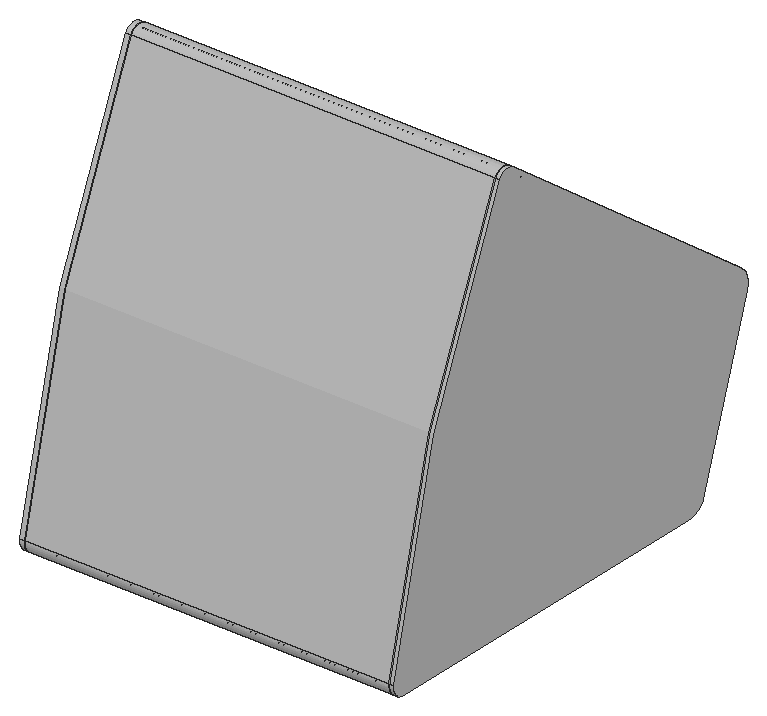
Revit family "Electronics_Community-Point-Source_Biamp_Beamforming-Venue-Horn_LVH_900AS", category Communication Devices, host Face, Revit 2020
Family settings
  Host = Face
  Maintain Annotation Orientation = No
  Round Connector Dimension = Use Diameter
  Part Type = Normal
  OmniClass Number = 23.85.10.11.14.14.14
  OmniClass Title = Loudspeakers
  Cut with Voids When Loaded = No
  Shared = No
  Room Calculation Point = No
Parameters (values of type "LVH-909/AS WR")
  Width = 31.37795"  # constant formula
  Weight = 210.101 lbf
  URL = "https://www.biamp.com/"
  Transducers = "LF: 4 x 12 (300 mm) with 3 (75 mm) CCAW voice coil,inherently weather-resistant cone in cast aluminum chassis MF: 3 x M200, 2 (51 mm) exit, ketone polymer diaphragm,compression driver HF: 4 x 1.5 (38 mm) CCAW voice coil , 1 (25 mm) exit, ketone \r\npolymer diaphragm, compact neodymium compression driver"  # constant formula
  Recommended Amplifers = "LF: 2 Channels ALC-1604D (Bridge Mode) MF & HF: 4 Channels   ALC-404D"  # constant formula
  Rated Maximum SPL (Processed) = "20° pattern - 130 dB - continuous 142  dB  peak; 40° pattern - 130 dB - continuous 142  dB  peak; 60° pattern - 130 dB  continuous - 142 dB  peak"
  Rated Continuous Voltage = "LF - 50.1 V (34 dBV); MF - 20.0 V (26 dBV); HF - 15.8 V (24 dBV)"  # constant formula
  Product data url = "https://www.bimobject.com/biamp/product/lvh900as_community-point-source"
  Product Page URL = "https://www.biamp.com/products/product-families/community/point-source#lvh900as"
  Product Documentation Link = "https://downloads.biamp.com/assets/docs/default-source/data-sheets/biamp_data_sheet_community-lvh909as.pdf"
  Operation Environment = "Indoor and Outdoor; Outdoor: IP56 per IEC 60529 when used with the input panel and seal cup cover plates; Weather resistant to IEC 60068-2-1 Cold,IEC 60068-2-2 Dry Heat, IEC 60068-2-6 Vibration,IEC 60068-2-30 Damp Heat, cyclic, IEC 60068-2-42 SO2,and IEC 60068-2-78 Damp Heat, steady state"  # constant formula
  Operating Range (-10 dB) = "50 Hz to 20 kHz"  # constant formula
  Operating Mode = "Multi-Amplifer with FIR DSP Beamforming"  # constant formula
  Operating Environment = "Indoor or Outdoor Direct Exposure"  # constant formula
  Nominal Maximum SPL (Processed) = "20° pattern - 134 dB - continuous 140  dB  peak; 40° pattern - 133 dB - continuous 139  dB  peak; 60° pattern - 134 dB  continuous - 140  dB  peak"
  Nominal Continuous Power Handling = "LF (per pair) - 87 V (950 W, 8 Ω); MF 1  | MF 2 - 26 V (130 W, 5 Ω | 65 W, 10 Ω); HF (per pair) - 23 V, (65 W, 8 Ω)"  # constant formula
  Nominal Beamwidth = "Horizontal: 90°; Vertical: 60°, 40°, 20° Symmetrical (user selectable presets)"
  Mounting Points = "(24) M10 rigging inserts"  # constant formula
  Model = "LVH-909/AS WR"
  Manufacturer = "Biamp"  # constant formula
  Input Connection = "Lever-actuated wire clamping 4 and 8-position terminal blocks"  # constant formula
  Housing Material = Biamp - Plastic - Gray
  Height = 37.32283"  # constant formula
  Grill Material = Biamp - Plastic - Gray(Grid)
  Finish = "Refer to the Technical Drawing (page 5)"  # constant formula
  Description = "LVH-900/AS Beamforming Venue Horn"  # constant formula
  Depth = 30.51181"  # constant formula
  Default Elevation = 48.00"
  Crossover Frequencies = "530 Hz,  1.84 kHz"  # constant formula
  Connector Description = "4 and 8-position terminal blocks; 950W 8 ohm 87V"  # constant formula
Types (4): name | Weight | Rated Maximum SPL (Processed) | Product Documentation Link | Nominal Maximum SPL (Processed) | Nominal Beamwidth | Model | Housing Material | Grill Material
  LVH-909/AS | 250.004 lbf | "20° pattern - 130 dB - continuous 142  dB  peak; 40° pattern - 130 dB - continuous 142  dB  peak; 60° pattern - 130 dB  continuous - 142 dB  peak" | "https://downloads.biamp.com/assets/docs/default-source/data-sheets/biamp_data_sheet_community-lvh909as.pdf" | "20° pattern - 134 dB - continuous 140  dB  peak; 40° pattern - 133 dB - continuous 139  dB  peak; 60° pattern - 134 dB  continuous - 140  dB  peak" | "Horizontal: 90°; Vertical: 60°, 40°, 20° Symmetrical (user selectable presets)" | "LVH-909/AS" | Biamp - Plastic - Black | Biamp - Plastic - Black(Grid)
  LVH-909/AS WR | 210.101 lbf | "20° pattern - 130 dB - continuous 142  dB  peak; 40° pattern - 130 dB - continuous 142  dB  peak; 60° pattern - 130 dB  continuous - 142 dB  peak" | "https://downloads.biamp.com/assets/docs/default-source/data-sheets/biamp_data_sheet_community-lvh909as.pdf" | "20° pattern - 134 dB - continuous 140  dB  peak; 40° pattern - 133 dB - continuous 139  dB  peak; 60° pattern - 134 dB  continuous - 140  dB  peak" | "Horizontal: 90°; Vertical: 60°, 40°, 20° Symmetrical (user selectable presets)" | "LVH-909/AS WR" | Biamp - Plastic - Gray | Biamp - Plastic - Gray(Grid)
  LVH-906/AS | 250.004 lbf | "20° pattern - 131dB - continuous 143  dB  peak; 40° pattern - 131 dB - continuous 143  dB  peak; 60° pattern - 131 dB  continuous - 143 dB  peak" | "https://downloads.biamp.com/assets/docs/default-source/data-sheets/biamp_data_sheet_community-lvh906as.pdf" | "20° pattern - 136 dB - continuous 142  dB  peak; 40° pattern - 136 dB - continuous 142  dB  peak; 60° pattern - 136 dB  continuous - 142  dB  peak" | "Horizontal: 60°; Vertical: 60°, 40°, 20° Symmetrical (user selectable presets)" | "LVH-906/AS" | Biamp - Plastic - Black | Biamp - Plastic - Black(Grid)
  LVH-906/AS WR | 210.101 lbf | "20° pattern - 131dB - continuous 143  dB  peak; 40° pattern - 131 dB - continuous 143  dB  peak; 60° pattern - 131 dB  continuous - 143 dB  peak" | "https://downloads.biamp.com/assets/docs/default-source/data-sheets/biamp_data_sheet_community-lvh906as.pdf" | "20° pattern - 136 dB - continuous 142  dB  peak; 40° pattern - 136 dB - continuous 142  dB  peak; 60° pattern - 136 dB  continuous - 142  dB  peak" | "Horizontal: 60°; Vertical: 60°, 40°, 20° Symmetrical (user selectable presets)" | "LVH-906/AS WR" | Biamp - Plastic - Gray | Biamp - Plastic - Gray(Grid)
Reference planes (in)
  plane 1 "Center (Front/Back)": y = 0
  plane 2: z = 0
  plane 3 "Center (Left/Right)": x = 0
  plane 4: through (0, 18.92352, 15.30655) normal (0, 0.6031, 0.7976)
  plane 5: through (0, 14.43961, 1.94432) normal (0, 0.0001, 1)
Forms (in)
  Extrusion 1, solid, material "Biamp - Plastic - Gray" <- "Housing Material", detail levels coarse
    sketch origin (0, 0, 0) x (0, 1, 0) y (0, 0, 1)
      loop
        arc (21.05893, 14.61621) -> (21.07195, 15.70305) -> (20.44788, 16.59296) r 1.77165
        line (20.44788, 16.59296) -> (-3.38935, 34.61787)
        arc (-3.38935, 34.61787) -> (-4.19532, 34.79388) -> (-4.85213, 34.2947) r 0.98425
        arc (-4.85213, 34.2947) -> (-11.78316, 18.17723) -> (-15.97727, 1.14133) r 106.62386
        arc (-15.97727, 1.14133) -> (-15.75452, 0.34701) -> (-15.00552, 0.00122) r 0.98425
        line (-15.00552, 0.00122) -> (14.87945, -0.00121)
        arc (14.87945, -0.00121) -> (15.91399, 0.33212) -> (16.5592, 1.20682) r 1.77165
        line (16.5592, 1.20682) -> (21.05893, 14.61621)
    from -15.68898 to 15.68898
  Extrusion 2, solid, material "Biamp - Plastic - Gray" <- "Housing Material", detail levels medium+fine
    sketch origin (0, 0, 0) x (0, 1, 0) y (0, 0, 1)
      loop
        arc (21.05893, 14.61621) -> (21.07195, 15.70305) -> (20.44788, 16.59296) r 1.77165
        line (20.44788, 16.59296) -> (-1.66219, 33.31185) -> (-1.94325, 33.03079) -> (-3.62681, 34.30384)
        arc (-3.62681, 34.30384) -> (-4.11039, 34.40945) -> (-4.50448, 34.10994) r 0.59055
        arc (-4.50448, 34.10994) -> (-11.40991, 18.05198) -> (-15.58854, 1.07899) r 106.23016
        arc (-15.58854, 1.07899) -> (-15.45487, 0.60238) -> (-15.00544, 0.39492) r 0.59055
        line (-15.00544, 0.39492) -> (-12.84017, 0.39492) -> (-12.84017, 0.00104) -> (14.87945, -0.00121)
        arc (14.87945, -0.00121) -> (15.91399, 0.33212) -> (16.5592, 1.20682) r 1.77165
        line (16.5592, 1.20682) -> (21.05893, 14.61621)
    from -15.29528 to 15.29528
  Extrusion 3, solid, material "Biamp - Plastic - Gray(Grid)" <- "Grill Material", detail levels medium+fine
    sketch origin (0, 0, 0) x (0, 1, 0) y (0, 0, 1)
      loop
        arc (-3.38935, 34.61787) -> (-4.19532, 34.79388) -> (-4.85213, 34.2947) r 0.98425
        arc (-4.85213, 34.2947) -> (-11.78316, 18.17723) -> (-15.97727, 1.14133) r 106.62386
        arc (-15.97727, 1.14133) -> (-15.75449, 0.34698) -> (-15.00544, 0.00122) r 0.98425
        line (-15.00544, 0.00122) -> (-12.84017, 0.00122) -> (-12.84017, 0.39492) -> (-15.00544, 0.39492)
        arc (-15.00544, 0.39492) -> (-15.45487, 0.60238) -> (-15.58854, 1.07899) r 0.59055
        arc (-15.58854, 1.07899) -> (-11.40991, 18.05198) -> (-4.50448, 34.10994) r 106.23016
        arc (-4.50448, 34.10994) -> (-4.11039, 34.40945) -> (-3.62681, 34.30384) r 0.59055
        line (-3.62681, 34.30384) -> (-1.94325, 33.03079) -> (-1.66219, 33.31185) -> (-3.38935, 34.61787)
    from -15.29528 to 15.29528
  Extrusion 4, solid, material "Biamp - Plastic - Gray" <- "Housing Material", detail levels medium+fine
    sketch origin (0, 0, 0) x (0, 1, 0) y (0, 0, 1)
      loop
        arc (21.05893, 14.61621) -> (21.07195, 15.70305) -> (20.44788, 16.59296) r 1.77165
        line (20.44788, 16.59296) -> (-3.38935, 34.61787)
        arc (-3.38935, 34.61787) -> (-4.19532, 34.79388) -> (-4.85213, 34.2947) r 0.98425
        arc (-4.85213, 34.2947) -> (-11.78316, 18.17723) -> (-15.97727, 1.14133) r 106.62386
        arc (-15.97727, 1.14133) -> (-15.75452, 0.34701) -> (-15.00552, 0.00122) r 0.98425
        line (-15.00552, 0.00122) -> (14.87945, -0.00121)
        arc (14.87945, -0.00121) -> (15.91399, 0.33212) -> (16.5592, 1.20682) r 1.77165
        line (16.5592, 1.20682) -> (21.05893, 14.61621)
    from 15.29528 to 15.68898
  Extrusion 5, solid, material "Biamp - Plastic - Gray" <- "Housing Material", detail levels medium+fine
    sketch origin (0, 0, 0) x (0, 1, 0) y (0, 0, 1)
      loop
        arc (21.05893, 14.61621) -> (21.07195, 15.70305) -> (20.44788, 16.59296) r 1.77165
        line (20.44788, 16.59296) -> (-3.38935, 34.61787)
        arc (-3.38935, 34.61787) -> (-4.19532, 34.79388) -> (-4.85213, 34.2947) r 0.98425
        arc (-4.85213, 34.2947) -> (-11.78316, 18.17723) -> (-15.97727, 1.14133) r 106.62386
        arc (-15.97727, 1.14133) -> (-15.75452, 0.34701) -> (-15.00552, 0.00122) r 0.98425
        line (-15.00552, 0.00122) -> (14.87945, -0.00121)
        arc (14.87945, -0.00121) -> (15.91399, 0.33212) -> (16.5592, 1.20682) r 1.77165
        line (16.5592, 1.20682) -> (21.05893, 14.61621)
    from -15.68898 to -15.29528
  Extrusion 6, void
    sketch origin (0, 21.46434, 15.82434) x (0, 0.318132, 0.948046) y (-1, 0, 0)
      loop
        arc (-7.51984, -6.48911) -> (-7.10225, -6.31615) -> (-6.92928, -5.89856) r 0.59055
        line (-6.92928, -5.89856) -> (-6.92928, -3.93006)
        arc (-6.92928, -3.93006) -> (-7.10225, -3.51248) -> (-7.51984, -3.33951) r 0.59055
        line (-7.51984, -3.33951) -> (-12.63795, -3.33951)
        arc (-12.63795, -3.33951) -> (-13.05553, -3.51248) -> (-13.2285, -3.93006) r 0.59055
        line (-13.2285, -3.93006) -> (-13.2285, -5.89856)
        arc (-13.2285, -5.89856) -> (-13.05553, -6.31615) -> (-12.63795, -6.48911) r 0.59055
        line (-12.63795, -6.48911) -> (-7.51984, -6.48911)
      loop
        arc (-7.51984, 0.5975) -> (-7.10225, 0.77047) -> (-6.92928, 1.18805) r 0.59055
        line (-6.92928, 1.18805) -> (-6.92928, 3.15656)
        arc (-6.92928, 3.15656) -> (-7.10225, 3.57414) -> (-7.51984, 3.74711) r 0.59055
        line (-7.51984, 3.74711) -> (-12.63795, 3.74711)
        arc (-12.63795, 3.74711) -> (-13.05553, 3.57414) -> (-13.2285, 3.15656) r 0.59055
        line (-13.2285, 3.15656) -> (-13.2285, 1.18805)
        arc (-13.2285, 1.18805) -> (-13.05553, 0.77047) -> (-12.63795, 0.5975) r 0.59055
        line (-12.63795, 0.5975) -> (-7.51984, 0.5975)
    from 0 to 2.85975
  Extrusion 7, void
    sketch origin (0, 18.75317, 16.73412) x (0, 0.318132, 0.948046) y (-1, 0, 0)
      loop
        line (-8.08107, -6.17231) -> (-8.08107, -3.61325) -> (-9.06532, -3.61325) -> (-9.06532, -6.17231) -> (-8.08107, -6.17231)
      loop
        line (-11.67613, -5.53765) -> (-11.67613, -4.35655) -> (-13.05408, -4.35655) -> (-13.05408, -5.53765) -> (-11.67613, -5.53765)
    from 0 to 0.13511
Cuts and joins
  Extrusion 6, Extrusion 7 cuts Extrusion 1
  Extrusion 6, Extrusion 7 cuts Extrusion 2
Lines and regions (in)
  Masking region 1
    outline origin (0, 0, 0) x (0, 1, 0) y (0, 0, 1)
      loop
        arc (-3.38935, 34.61787) -> (-4.19532, 34.79388) -> (-4.85213, 34.2947) r 0.98425
        arc (-4.85213, 34.2947) -> (-11.78316, 18.17723) -> (-15.97727, 1.14133) r 106.62386
        arc (-15.97727, 1.14133) -> (-15.75449, 0.34698) -> (-15.00544, 0) r 0.98425
        line (-15.00544, 0) -> (14.94503, 0)
        arc (14.94503, 0) -> (15.94044, 0.35152) -> (16.5592, 1.20682) r 1.77165
        line (16.5592, 1.20682) -> (21.05893, 14.61621)
        arc (21.05893, 14.61621) -> (21.07195, 15.70305) -> (20.44788, 16.59296) r 1.77165
        line (20.44788, 16.59296) -> (-3.38935, 34.61787)
  Masking region 2
    outline origin (0, 0, 0) x (1, 0, 0) y (0, 1, 0)
      loop
        line (-15.68898, 21.15098) -> (-15.68898, -1.66219) -> (15.68898, -1.66219) -> (15.68898, 21.15098) -> (-15.68898, 21.15098)
  Masking region 3
    outline origin (0, 0, 0) x (1, 0, 0) y (0, 1, 0)
      loop
        line (-15.68898, -1.66219) -> (-15.68898, -15.98969) -> (15.68898, -15.98969) -> (15.68898, -1.66219) -> (-15.68898, -1.66219)
  Masking region 4
    outline origin (0, 0, 0) x (1, 0, 0) y (0, 1, 0)
      loop
        line (-15.29528, -1.66219) -> (-15.29528, -15.58854) -> (15.29528, -15.58854) -> (15.29528, -1.66219) -> (-15.29528, -1.66219)
  reference lines
    curve 1: line (0, 0.77218, 29.03197) -> (0, -8.31689, 1.94617)
    curve 2: line (0, 9.84785, 22.16926) -> (0, 3.06136, 1.94524)
    curve 3: line (0, 18.92352, 15.30655) -> (0, 14.43961, 1.94432)
    curve 4: line (0, 18.80907, 7.91152) -> (0, -11.78316, 18.17723)
Dimensions and locks (in)
  aligned and locked: plane 2 to host face
  aligned and locked: level to host face
Connectors (in)
  electrical at (4.89278, 15.89767, 8.64932), driven by "Connector Description"
    settings: on cut or joined group of Extrusion 2, Extrusion 6, Extrusion 7, index 1, voltage 0 V, apparent load 0 VA, apparent load phase1 0 VA, apparent load phase2 0 VA, apparent load phase3 0 VA, power factor 1, load classification "Other", number of poles 1, system type 5, power factor state 1, is connector primary yes, connector utility no, sub classification motor no, connector description "4 and 8-position terminal blocks; 950W 8 ohm 87V"
  electrical at (4.9471, 14.69134, 5.05441), driven by "Connector Description"
    settings: on cut or joined group of Extrusion 2, Extrusion 6, Extrusion 7, index 2, voltage 0 V, apparent load 0 VA, apparent load phase1 0 VA, apparent load phase2 0 VA, apparent load phase3 0 VA, power factor 1, load classification "Other", number of poles 1, system type 5, power factor state 1, is connector primary no, connector utility no, sub classification motor no, connector description "4 and 8-position terminal blocks; 950W 8 ohm 87V"
